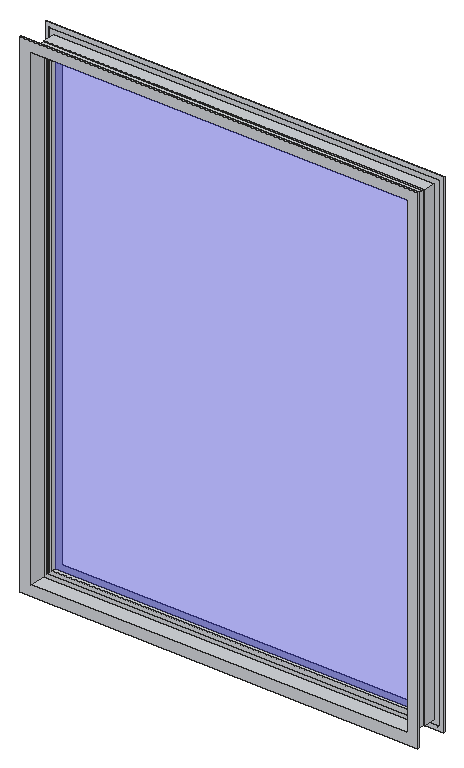
Revit family "1450S_Fixed", category Windows, host Wall, Revit 2023
Family settings
  Host = Wall
  OmniClass Number = 23.30.20.00
  OmniClass Title = Windows
  Always vertical = Yes
  Cut with Voids When Loaded = No
  Shared = No
  Room Calculation Point = No
Parameters
  Height = 5' - 0"
  Glass Material = Glass
  Frame Material = none
  Depth From Exterior = 0' - 1"
  Default Sill Height = 3' - 0"
  Wall Closure = By host
  Width = 4' - 0"
Reference planes (in)
  plane 1 "Center (Front/Back)": y = 0
  plane 2: z = 0
  plane 3 "Center (Left/Right)": x = 0
  plane 4 "Left": x = -24
  plane 5 "Right": x = 24
  plane 6 "Sill": z = 36
  plane 7 "Top": z = 96
  plane 8: y = 3
  plane 9: y = 2
  plane 10: y = 0.363
  plane 11: y = 0
Forms (in)
  Sweep 1, solid
    path origin (0, 0, 0) x (1, 0, 0) y (0, 0, 1)
      loop
        line (24, 36) -> (24, 96) -> (-24, 96) -> (-24, 36) -> (24, 36)
    profile origin (0, 0, 36) x (0, 0, -1) y (0, -1, 0)
      loop
        line (0, -2) -> (0, -1.826) -> (-0.436, -1.826) -> (-0.436, -1.87556) -> (-1.375, -1.87556) -> (-1.375, -1.76809) -> (-1.25514, -1.70535) -> (-1.06266, -1.70535) -> (-1.06266, -0.29598) -> (-1.25259, -0.29598) -> (-1.375, -0.23191) -> (-1.375, -0.125) -> (-1.125, -0.125) -> (-1.125, 1.875) -> (-0.4366, 1.875) -> (-0.4366, 1.826) -> (0, 1.826) -> (0, 2) -> (-1.25, 2) -> (-1.25, 0) -> (-1.625, 0) -> (-1.625, -0.30355) -> (-1.49985, -0.46374) -> (-1.49985, -1.375) -> (-2.29514, -1.375) -> (-1.67014, -2) -> (0, -2)
  Sweep 2, solid
    path origin (0, 0, 0) x (1, 0, 0) y (0, 0, 1)
      loop
        line (-22.375, 37.625) -> (22.375, 37.625) -> (22.375, 94.375) -> (-22.375, 94.375) -> (-22.375, 37.625)
    profile origin (0, 0, 37.625) x (0, 0, 1) y (0, -1, 0)
      loop
        line (0, 0) -> (0, -0.18943) -> (0.09031, -0.18943) -> (0.09031, -0.125) -> (0.23849, -0.125) -> (0.23849, -0.363) -> (0.65858, -0.363) -> (0.65858, 0) -> (0, 0)
  Sweep 3, solid, material "Glass" <- "Glass Material"
    path origin (0, 0, 0) x (0, 1, 0) y (0, 0, 1)
      loop
        line (1.375, 37.49985) -> (1.375, 94.50015)
    profile origin (0, 1.375, 66) x (0, -1, 0) y (1, 0, 0)
      loop
        line (0, -22.50015) -> (0.25, -22.50015) -> (0.25, 22.50015) -> (0, 22.50015) -> (0, -22.50015)
      loop
        line (0.75, -22.50015) -> (1, -22.50015) -> (1, 22.50015) -> (0.75, 22.50015) -> (0.75, -22.50015)
Lines and regions (in)
  Opening 1
    outline origin (-60, -3, 0) x (1, 0, 0) y (0, 0, 1)
      loop
        line (36, 96) -> (36, 36) -> (84, 36) -> (84, 96) -> (36, 96)
Text (in)
  text "EXTERIOR" at (-58.6888, 50.90694, 0), in view "Ref. Level"
  text "INTERIOR" at (-58.6888, -37.76638, 0), in view "Ref. Level"
  text "Exterior" at (0, 43.65631, 123.19604), in view "Left"
  text "Exterior" at (0, 18.29385, 125.04747), in view "Right"
Dimensions and locks (in)
  equal spacing: plane 4 "Left", plane 3 "Center (Left/Right)", plane 5 "Right"
  "Height": plane 6 "Sill" to plane 7 "Top"
  "Default Sill Height": plane 2 to plane 6 "Sill"
  "Width": plane 4 "Left" to plane 5 "Right"
  "Depth From Exterior": plane 8 to plane 9
  locked: plane 10 to plane 11 at 0.363
  locked: plane 9 to plane 11 at 2
  aligned and locked: plane 7 "Top" to Opening 1 sketch curve
  aligned and locked: plane 6 "Sill" to Opening 1 sketch curve  (x2)
  aligned and locked: plane 5 "Right" to Opening 1 sketch curve
  aligned and locked: plane 4 "Left" to Opening 1 sketch curve
  aligned and locked: level to plane 2
  aligned and locked: Sweep 1 sketch curve to plane 7 "Top"
  aligned and locked: plane 4 "Left" to Sweep 1 sketch curve
  aligned and locked: plane 6 "Sill" to Sweep 1 sketch curve
  aligned and locked: Sweep 1 sketch curve to plane 5 "Right"
  aligned and locked: Sweep 2 sketch curve to Sweep 1  (x4)
  aligned and locked: Sweep 3 sketch curve to Sweep 1  (x5)
  aligned and locked: plane 8 to host wall
  aligned and locked: plane 9 to Sweep 1
  aligned and locked: plane 11 to Sweep 2
  aligned and locked: plane 11 to Sweep 1
  aligned and locked: plane 10 to Sweep 2
Automatic sketch dimensions
  profile plane to Sweep 1 sketch curve = 0' - 2.29514"
  Sweep 1 sketch curve to Sweep 1 sketch curve = 0' - 0.67014"
  Sweep 1 sketch curve to Sweep 1 sketch curve = 0' - 0.12515"
  Sweep 1 sketch curve to Sweep 1 sketch curve = 0' - 0 1/4"
  Sweep 1 sketch curve to Sweep 1 sketch curve = 0' - 0.12485"
  Sweep 1 sketch curve to Sweep 1 sketch curve = 0' - 0.11986"
  Sweep 1 sketch curve to Sweep 1 sketch curve = 0' - 0.12241"
  Sweep 1 sketch curve to Sweep 1 sketch curve = 0' - 0 3/8"
  Sweep 1 sketch curve to Sweep 1 sketch curve = 0' - 0 1/8"  (x2)
  Sweep 1 sketch curve to Sweep 1 sketch curve = 0' - 0.19248"
  Sweep 1 sketch curve to Sweep 1 sketch curve = 0' - 0.6884"
  Sweep 1 sketch curve to Sweep 1 sketch curve = 0' - 0.62666"
  Sweep 1 sketch curve to Sweep 1 sketch curve = 0' - 0.4366"
  Sweep 1 sketch curve to Sweep 1 sketch curve = 0' - 0.436"
  Sweep 1 sketch curve to plane 1 "Center (Front/Back)" = 0' - 1.87556"
  Sweep 1 sketch curve to Sweep 1 sketch curve = 0' - 0.04956"
  Sweep 1 sketch curve to Sweep 1 sketch curve = 0' - 0.10748"
  Sweep 1 sketch curve to Sweep 1 sketch curve = 0' - 0.06273"
  Sweep 1 sketch curve to Sweep 1 sketch curve = 0' - 0.33035"
  Sweep 1 sketch curve to Sweep 1 sketch curve = 0' - 0.91126"
  Sweep 1 sketch curve to Sweep 1 sketch curve = 0' - 0.16019"
  Sweep 1 sketch curve to Sweep 1 sketch curve = 0' - 0.16776"
  Sweep 1 sketch curve to Sweep 1 sketch curve = 0' - 0.06407"
  Sweep 1 sketch curve to Sweep 1 sketch curve = 0' - 0.17098"
  Sweep 1 sketch curve to Sweep 1 sketch curve = 0' - 1.826"
  Sweep 1 sketch curve to Sweep 1 sketch curve = 0' - 0.049"
  Sweep 1 sketch curve to Sweep 1 sketch curve = 0' - 0.174"  (x2)
  Sweep 1 sketch curve to Sweep 1 sketch curve = 0' - 0.29514"
  profile plane to Sweep 2 sketch curve = 0' - 0"
  Sweep 2 sketch curve to Sweep 2 sketch curve = 0' - 0.09031"
  Sweep 2 sketch curve to Sweep 2 sketch curve = 0' - 0.14818"
  Sweep 2 sketch curve to Sweep 2 sketch curve = 0' - 0.42009"
  Sweep 2 sketch curve to plane 1 "Center (Front/Back)" = 0' - 0.18943"
  Sweep 2 sketch curve to Sweep 2 sketch curve = 0' - 0.06443"
  Sweep 2 sketch curve to Sweep 2 sketch curve = 0' - 0 1/8"
  Sweep 2 sketch curve to Sweep 2 sketch curve = 0' - 0.17357"
  Sweep 3 sketch curve to plane 6 "Sill" = 0' - 1.49985"
  plane 7 "Top" to Sweep 3 sketch curve = 0' - 1.49985"
  profile plane to Sweep 3 sketch curve = 0' - 0"
  Sweep 3 sketch curve to Sweep 3 sketch curve = 0' - 0 1/4"  (x2)
  Sweep 3 sketch curve to Sweep 3 sketch curve = 0' - 0 3/4"
